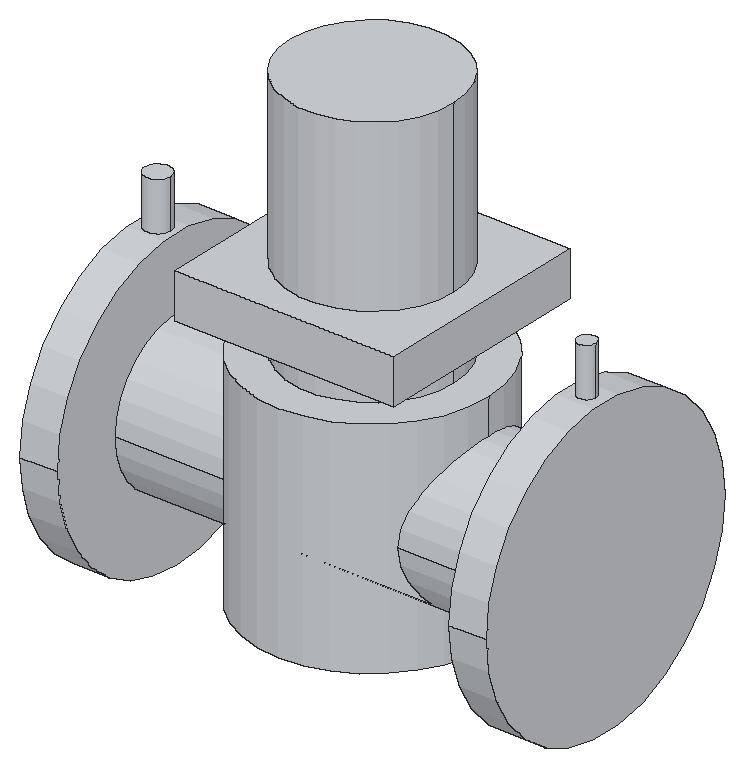
Revit family "PV_Compact_PN25_DN065_(50-200kPa)_RFA_2018", category Pipe Accessories, Revit 2018
Family settings
  Round Connector Dimension = Use Diameter
  Part Type = Valve - Breaks Into
  Work Plane-Based = No
  Always vertical = Yes
  Cut with Voids When Loaded = No
  Shared = No
Parameters (values of type "PV Compact PN25 DN065 (50-200kPa)")
  magiProductId = "3326a2f4bd724a059fd12b24a48407"
  magiProductFamilyId = "1af2f5f7761a4c5f850eea414834fa"
  magiPartTypeId = 304
  isMeasuringValve [instance] = no
  ang2D [instance] = 0.00°
  W2D = 50 mm
  VersionID = "2.0/2018.12.13.2/FRESE_PV_COMPACT_BIG_Q13_001"
  Use Minimum Symbol Size [instance] = no
  URL = "www.hydronic.cz"
  Type Comments = "PŘÍRUBOVÝ; PN25; dpmax=1000kPa; -10~+120°C"
  R4 = 50.75 mm
  R3 = 48.1 mm
  R1 = 72.5 mm
  QmdConnectorList = "301;D;302;D"
  Productdata [instance] = ""
  Manufacturer = "Hydronic Systems Prague s.r.o."
  Maintenance Zone Under Depth [instance] = 100 mm
  Maintenance Zone Right Depth [instance] = 100 mm
  Maintenance Zone Over Depth [instance] = 100 mm
  Maintenance Zone Left Depth [instance] = 100 mm
  Maintenance Zone Front Depth [instance] = 100 mm
  Maintenance Zone Back Depth [instance] = 100 mm
  Maintenance Zone Front Visibility [instance] = no
  MC Use Limits From Balancing Method = no
  MC Throttling Minimum Value = 0
  MC Throttling Maximum Value = 0
  MC Product Code = "53-3324 DN065 PN25; nastavitelný rozsah dp=20~100kPa; Q=7,4~29,7 m3/h;  kvs=42"
  MC Pressure Drop Minimum Value = 0.0 Pa
  MC Pressure Drop Maximum Value = 0.0 Pa
  MC Piping Given Pressure Drop [instance] = 0.0 Pa
  LF__ve = -LF  # -23.2 mm
  LF2 = 11.6 mm
  LF = 23.2 mm
  L4 = 136.3 mm
  L3 = 243.6 mm
  L2D_Min = 30.48 mm
  L2D = 230 mm
  L2 = 145 mm
  H6 = 105.25 mm
  H4 = 27.75 mm
  H3 = 23.125 mm
  H2 = 69.375 mm
  H1 = 138.75 mm
  Description = "Nastavitelný regulátor tlakové diference"
  DF2 = 92.5 mm
  D = 65 mm
  Clearance Zone Height Depth [instance] = 100 mm
  Clearance Zone Circular Radius [instance] = 145 mm
  Clearance Zone Visibility [instance] = no
  CAT0 = yes
Types (4, lengths in mm): name | magiProductId | R4 | R3 | R1 | MC Product Code | LF__ve | LF2 | LF | L4 | L3 | L2 | H6 | H4 | H3 | H2 | H1 | DF2 | D | Clearance Zone Circular Radius
  PV Compact PN25 DN050 (50-200kPa) | "08a421d9482846e584fc1251b4b528" | 40.25 | 42.9 | 57.5 | "53-3321 DN050 PN25; nastavitelný rozsah dp=20~100kPa; Q=5,1~20,5 m3/h;  kvs=29" | -18.4 | 9.2 | 18.4 | 108.1 | 193.2 | 115 | 82.25 | 24.75 | 20.625 | 61.875 | 123.75 | 82.5 | 50 | 115
  PV Compact PN25 DN065 (50-200kPa) | "3326a2f4bd724a059fd12b24a48407" | 50.75 | 48.1 | 72.5 | "53-3324 DN065 PN25; nastavitelný rozsah dp=20~100kPa; Q=7,4~29,7 m3/h;  kvs=42" | -23.2 | 11.6 | 23.2 | 136.3 | 243.6 | 145 | 105.25 | 27.75 | 23.125 | 69.375 | 138.75 | 92.5 | 65 | 145
  PV Compact PN25 DN080 (50-200kPa) | "aa373f4712fe4f789034ae13a1f456" | 54.25 | 52 | 77.5 | "53-3327 DN080 PN25; nastavitelný rozsah dp=20~100kPa; Q=11,7~47,4 m3/h;  kvs=67" | -24.8 | 12.4 | 24.8 | 145.7 | 260.4 | 155 | 141 | 30 | 25 | 75 | 150 | 100 | 80 | 155
  PV Compact PN25 DN100 (50-200kPa) | "7d735ad2cc7a4544b6e207f0b5dfca" | 61.25 | 61.1 | 87.5 | "53-3330 DN100 PN25; nastavitelný rozsah dp=20~100kPa; Q=20,3~81,3 m3/h;  kvs=115" | -28 | 14 | 28 | 164.5 | 294 | 175 | 234.75 | 35.25 | 29.375 | 88.125 | 176.25 | 117.5 | 100 | 175
Reference planes
  plane 1 "Center (Front/Back)": y = 0
  plane 2 "XYPLANE": z = 0
  plane 3 "Center (Left/Right)": x = 0
  plane 4 "257": y = -92.5
  plane 5 "256": y = 92.5
  plane 6 "255": z = -92.5
  plane 7 "254": y = -192.5
  plane 8 "253": y = 192.5
  plane 9 "252": x = -245
  plane 10 "251": x = 245
  plane 11 "250": z = 325.5
  plane 12 "249": z = -192.5
  plane 13 "248": z = 325.5
  plane 14 "247": z = 225.5
  plane 15 "157": x = 133.4
  plane 16 "156": x = -133.4
  plane 17 "155": z = 92.5
  plane 18 "154": z = 120.25
  plane 19 "153": z = 92.5
  plane 20 "152": z = 69.375
  plane 21 "151": x = -121.8
  plane 22 "150": z = -69.375
  plane 23 "149": x = 0
  plane 24 "148": y = 0
  plane 25 "147": z = 0
  plane 26 "146": x = -145
  plane 27 "145": x = 145
Forms (mm)
  Blend 1, solid, visible <- "Maintenance Zone Front Visibility"
    base sketch origin (-750, 0, -192.5) x (1, 0, 0) y (0, 1, 0)
      loop
        line (505, 192.5) -> (505, -192.5) -> (995, -192.5) -> (995, 192.5) -> (505, 192.5)
    top sketch origin (-750, 0, -192.5) x (1, 0, 0) y (0, 1, 0)
      loop
        line (505, 192.5) -> (505, -192.5) -> (995, -192.5) -> (995, 192.5) -> (505, 192.5)
    from 0 to 518
  Blend 2, solid, visible <- "Clearance Zone Visibility"
    base sketch origin (-750, 0, 0) x (1, 0, 0) y (0, 1, 0)
      loop
        circle (750, 0) r 145
    top sketch origin (-750, 0, 0) x (1, 0, 0) y (0, 1, 0)
      loop
        circle (750, 0) r 145
    from 0 to 325.5
  Extrusion 3, solid, visible <- "CAT0"
    sketch origin (-750, 0, 92.5) x (1, 0, 0) y (0, 1, 0)
      loop
        circle (883.4, 0) r 5.5
    from 0 to 30
  Extrusion 4, solid, visible <- "CAT0"
    sketch origin (-750, 0, 92.5) x (1, 0, 0) y (0, 1, 0)
      loop
        circle (616.6, 0) r 7.9
    from 0 to 30
  Extrusion 5, solid
    sketch origin (-750, 0, 120.25) x (1, 0, 0) y (0, 1, 0)
      loop
        circle (750, 0) r 50.75
    from 0 to 105.25 <- "H6"
  Extrusion 6, solid, visible <- "CAT0"
    sketch origin (-750, 0, 92.5) x (1, 0, 0) y (0, 1, 0)
      loop
        line (818.15, 68.15) -> (681.85, 68.15) -> (681.85, -68.15) -> (818.15, -68.15) -> (818.15, 68.15)
    from 0 to 27.75 <- "H4"
  Extrusion 7, solid, visible <- "CAT0"
    sketch origin (-750, 0, 69.375) x (1, 0, 0) y (0, 1, 0)
      loop
        circle (750, 0) r 50.75
    from 0 to 23.125 <- "H3"
  Extrusion 8, solid, visible <- "CAT0"
    sketch origin (-121.8, -750, 0) x (0, 1, 0) y (0, 0, 1)
      loop
        circle (750, 0) r 48.1
    from 0 to 243.6 <- "L3"
  Extrusion 9, solid, visible <- "CAT0"
    sketch origin (-750, 0, -69.375) x (1, 0, 0) y (0, 1, 0)
      loop
        circle (750, 0) r 72.5
    from 0 to 138.75 <- "H1"
  Extrusion 10, solid, visible <- "CAT0"
    sketch origin (-145, -750, 0) x (0, 1, 0) y (0, 0, 1)
      loop
        circle (750, 0) r 92.5
    from 0 to 23.2 <- "LF"
  Extrusion 11, solid, visible <- "CAT0"
    sketch origin (145, -750, 0) x (0, 1, 0) y (0, 0, 1)
      loop
        circle (750, 0) r 92.5
    from 0 to -23.2 <- "LF__ve"
  Extrusion 12, solid, not visible
    sketch origin (-145, -750, 0) x (0, 1, 0) y (0, 0, 1)
      loop
        circle (750, 0) r 10
    from 0 to 10
  Extrusion 13, solid, not visible
    sketch origin (145, -750, 0) x (0, 1, 0) y (0, 0, 1)
      loop
        circle (750, 0) r 10
    from 0 to -10
Lines and regions (mm)
  reference lines, not visible
    curve 1: circle (2, 2, 0) r 1 normal (0, 0, 1)
  reference lines
    curve 2: circle (0, 0, 92.5) r 1 normal (0, 0, 1)
Dimensions and locks
  plane 1 "Center (Front/Back)" to curve 1 = 2 mm
  "DF2": plane 24 "148" to plane 4 "257"
  "DF2": plane 24 "148" to plane 5 "256"
  "DF2": plane 25 "147" to plane 6 "255"
  "Maintenance Zone Front Depth": plane 4 "257" to plane 7 "254"
  "Maintenance Zone Back Depth": plane 5 "256" to plane 8 "253"
  "Maintenance Zone Left Depth": plane 26 "146" to plane 9 "252"
  "Maintenance Zone Right Depth": plane 27 "145" to plane 10 "251"
  "Maintenance Zone Over Depth": plane 14 "247" to plane 11 "250"
  "Maintenance Zone Under Depth": plane 6 "255" to plane 12 "249"
  "Clearance Zone Height Depth": plane 14 "247" to plane 13 "248"
  "H6": plane 18 "154" to plane 14 "247"
  "LF2": plane 27 "145" to plane 15 "157"
  "LF2": plane 26 "146" to plane 16 "156"
  "DF2": plane 2 "XYPLANE" to plane 17 "155"
  "H4": plane 19 "153" to plane 18 "154"
  "H3": plane 20 "152" to plane 19 "153"
  "H1": plane 22 "150" to plane 20 "152"
  "LF": plane 26 "146" to plane 21 "151"
  "H2": plane 2 "XYPLANE" to plane 22 "150"
  locked: plane 3 "Center (Left/Right)" to plane 23 "149"
  locked: plane 1 "Center (Front/Back)" to plane 24 "148"
  locked: plane 2 "XYPLANE" to plane 25 "147"
  "L2": plane 3 "Center (Left/Right)" to plane 26 "146"
  "L2": plane 3 "Center (Left/Right)" to plane 27 "145"
  Blend 1 sketch curve to Blend 1 sketch curve = 0 mm  (x16)
  equal spacing: Extrusion 6 sketch curve, curve 2, Extrusion 6 sketch curve  (x2)
  "L4": Extrusion 6 sketch curve to Extrusion 6 sketch curve  (x2)
  Extrusion 6 sketch curve to Extrusion 6 sketch curve = 0 mm  (x8)
  "Clearance Zone Circular Radius": radius of Blend 2 sketch curve  (x2)
  "R4": radius of Extrusion 5 sketch curve
  "R4": radius of Extrusion 7 sketch curve
  "R3": radius of Extrusion 8 sketch curve
  "R1": radius of Extrusion 9 sketch curve
  "DF2": radius of Extrusion 10 sketch curve
  "DF2": radius of Extrusion 11 sketch curve
  aligned and locked: level to plane 2 "XYPLANE"
  aligned and locked: Blend 1 sketch curve to plane 8 "253"  (x2)
  aligned and locked: plane 9 "252" to Blend 1 sketch curve  (x4)
  aligned and locked: plane 10 "251" to Blend 1 sketch curve  (x4)
  aligned and locked: plane 8 "253" to Blend 1 sketch curve  (x2)
  aligned and locked: plane 7 "254" to Blend 1 sketch curve  (x4)
  aligned and locked: plane 11 "250" to Blend 1
  aligned and locked: plane 23 "149" to Blend 2 sketch curve  (x2)
  aligned and locked: plane 24 "148" to Blend 2 sketch curve  (x2)
  aligned and locked: plane 13 "248" to Blend 2
  aligned and locked: plane 15 "157" to Extrusion 3 sketch curve
  aligned and locked: plane 24 "148" to Extrusion 3 sketch curve
  aligned and locked: plane 16 "156" to Extrusion 4 sketch curve
  aligned and locked: plane 24 "148" to Extrusion 4 sketch curve
  aligned and locked: plane 23 "149" to Extrusion 5 sketch curve
  aligned and locked: plane 24 "148" to Extrusion 5 sketch curve
  aligned and locked: plane 23 "149" to curve 2
  aligned and locked: plane 24 "148" to curve 2
  aligned and locked: plane 23 "149" to Extrusion 7 sketch curve
  aligned and locked: plane 24 "148" to Extrusion 7 sketch curve
  aligned and locked: Extrusion 8 sketch curve to plane 24 "148"
  aligned and locked: plane 25 "147" to Extrusion 8 sketch curve
  aligned and locked: plane 23 "149" to Extrusion 9 sketch curve
  aligned and locked: plane 24 "148" to Extrusion 9 sketch curve
  aligned and locked: Extrusion 10 sketch curve to plane 24 "148"
  aligned and locked: plane 25 "147" to Extrusion 10 sketch curve
  aligned and locked: Extrusion 11 sketch curve to plane 24 "148"
  aligned and locked: plane 25 "147" to Extrusion 11 sketch curve
  aligned and locked: Extrusion 12 sketch curve to plane 24 "148"
  aligned and locked: plane 25 "147" to Extrusion 12 sketch curve
  aligned and locked: Extrusion 13 sketch curve to plane 24 "148"
  aligned and locked: plane 25 "147" to Extrusion 13 sketch curve
Automatic sketch dimensions
  Extrusion 3 sketch curve to plane 15 "157" = 5.5 mm
  plane 26 "146" to Extrusion 4 sketch curve = 3.7 mm
  plane 1 "Center (Front/Back)" to Extrusion 12 sketch curve = 10 mm
  plane 1 "Center (Front/Back)" to Extrusion 13 sketch curve = 10 mm
  plane 3 "Center (Left/Right)" to curve 1 = 2 mm
  Extrusion 6 sketch curve to plane 5 "256" = 24.35 mm
  plane 21 "151" to Extrusion 6 sketch curve = 53.65 mm
  radius of curve 2 = 1 mm
  radius of curve 1 = 1 mm
Connectors
  piping at (-145, 0, 0), diameter 65, driven by "D"
    settings: on Extrusion 12, index 1, connector inside diameter 609.6 mm, connector length 0 mm, flow factor 0, pipe flow 0.0 L/s, pressure drop 0.0 Pa, fitting loss kfactor 0, connector angle 0.00°, fixture units 0, engagement length 0 mm, angle of deflection 0.00°, flow configuration 0, flow direction 0, fitting loss method 0, system type 29, joint type 0, gender type 0, connector reference index 2, connector utility 0, adjustable connector no, is connector primary yes, connector description ""
  piping at (145, 0, 0), diameter 65, driven by "D"
    settings: on Extrusion 13, index 2, connector inside diameter 609.6 mm, connector length 0 mm, flow factor 0, pipe flow 0.0 L/s, pressure drop 0.0 Pa, fitting loss kfactor 0, connector angle 0.00°, fixture units 0, engagement length 0 mm, angle of deflection 0.00°, flow configuration 0, flow direction 0, fitting loss method 0, system type 29, joint type 0, gender type 0, connector reference index 1, connector utility 0, adjustable connector no, is connector primary no, connector description ""
